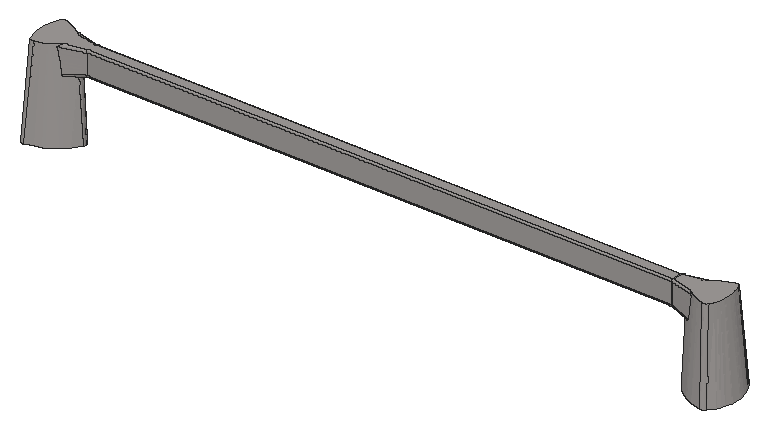
Revit family "FG774240-SUP413763-Stainless", category Generic Models, host Face, Revit 2013
Parameters (values of type "FG774240-SUP413763-Stainless")
  Unit = Stainless-Delta
  URL = "www.deltafaucet.com"
  Model = "FG774240"  # constant formula
  Manufacturer = "Delta"  # constant formula
  Description = "FG774240-SUP413763-Stainless"
  Default Elevation = 1524.00 mm
Reference planes
  plane 1 "Center (Front/Back)": y = 0
  plane 2: z = 0
  plane 3 "Center (Left/Right)": x = 0
Dimensions and locks
  aligned and locked: plane 2 to host face
  aligned and locked: level to host face
  aligned and locked: plane 1 "Center (Front/Back)" to nested 1
  aligned and locked: plane 3 "Center (Left/Right)" to nested 1
  aligned and locked: nested 1 to level
Nested families
  nested 1: "FG774240" at (0, 0, 0), type "FG774240"
Definition of nested family "FG774240"
  Parameters (values of type "FG774240")
    Finish = Stainless-Delta
  Reference planes
    plane 1 "Center (Front/Back)": y = 0
    plane 2: z = 0
    plane 3 "Center (Left/Right)": x = 0
    plane 4: through (0, 368.198, 229.941) normal (0, -0.7071, 0.7071)
  Forms (mm)
    Blend 1, solid, material "Stainless-Delta" <- "Finish"
      base sketch origin (-193.362, 0, 0) x (-1, 0, 0) y (0, -1, 0)
        loop
          arc (607.031, -61.197) -> (630.54, -0.043) -> (607.214, 61.181) r 91.653
          arc (607.214, 61.181) -> (601.613, 64.949) -> (594.892, 65.583) r 13.692
          arc (594.892, 65.583) -> (543.197, 45.186) -> (505.178, 4.651) r 126.878
          arc (505.178, 4.651) -> (503.91, 0) -> (505.178, -4.651) r 9.16
          arc (505.178, -4.651) -> (543.133, -45.142) -> (594.738, -65.559) r 126.878
          arc (594.738, -65.559) -> (601.439, -64.938) -> (607.031, -61.197) r 13.672
      top sketch origin (-193.362, 0, 0) x (-1, 0, 0) y (0, -1, 0)
        loop
          arc (598.652, -42.544) -> (608.267, 0.015) -> (598.676, 42.58) r 99.124
          arc (598.676, 42.58) -> (593.792, 47.418) -> (586.944, 48.02) r 10.12
          arc (586.944, 48.02) -> (550.237, 32.316) -> (519.57, 6.754) r 137.862
          arc (519.57, 6.754) -> (516.987, 0) -> (519.57, -6.754) r 10.12
          arc (519.57, -6.754) -> (550.204, -32.296) -> (586.868, -48) r 137.862
          arc (586.868, -48) -> (593.745, -47.4) -> (598.652, -42.544) r 10.162
      from 0 to 209.677
    Blend 2, solid, material "Stainless-Delta" <- "Finish"
      base sketch origin (-193.362, 0, 0) x (0, 1, 0) y (0, 0, -1)
        loop
          arc (35.226, -209.677) -> (39.014, -208.136) -> (40.65, -204.388) r 5.425
          line (40.65, -204.388) -> (42.272, -140.007)
          arc (42.272, -140.007) -> (0, -147.543) -> (-42.272, -140.007) r 122.325
          line (-42.272, -140.007) -> (-40.65, -204.357)
          arc (-40.65, -204.357) -> (-39.005, -208.127) -> (-35.195, -209.677) r 5.457
          line (-35.195, -209.677) -> (35.226, -209.677)
      top sketch origin (-193.362, 0, 0) x (0, 1, 0) y (0, 0, -1)
        loop
          arc (15.24, -157.463) -> (14.174, -154.889) -> (11.599, -153.822) r 3.641
          line (11.599, -153.822) -> (-11.569, -153.822)
          arc (-11.569, -153.822) -> (-14.165, -154.898) -> (-15.24, -157.493) r 3.671
          line (-15.24, -157.493) -> (-15.24, -205.997)
          arc (-15.24, -205.997) -> (-14.162, -208.599) -> (-11.56, -209.677) r 3.68
          line (-11.56, -209.677) -> (11.569, -209.677)
          arc (11.569, -209.677) -> (14.165, -208.602) -> (15.24, -206.006) r 3.671
          line (15.24, -206.006) -> (15.24, -157.463)
      from 587.627 to 488.709
    Extrusion 3, solid, material "Stainless-Delta" <- "Finish"
      sketch origin (0, 0, 0) x (0, 1, 0) y (0, 0, 1)
        loop
          line (15.24, 157.463) -> (15.24, 206.006)
          arc (15.24, 206.006) -> (14.165, 208.602) -> (11.569, 209.677) r 3.671
          line (11.569, 209.677) -> (-11.56, 209.677)
          arc (-11.56, 209.677) -> (-14.162, 208.599) -> (-15.24, 205.997) r 3.68
          line (-15.24, 205.997) -> (-15.24, 157.493)
          arc (-15.24, 157.493) -> (-14.165, 154.898) -> (-11.569, 153.822) r 3.671
          line (-11.569, 153.822) -> (11.599, 153.822)
          arc (11.599, 153.822) -> (14.174, 154.889) -> (15.24, 157.463) r 3.641
      from -682.071 to 682.154
    Blend 4, solid, material "Stainless-Delta" <- "Finish"
      base sketch origin (193.445, 0, 0) x (1, 0, 0) y (0, 1, 0)
        loop
          arc (607.031, 61.197) -> (601.439, 64.938) -> (594.738, 65.559) r 13.672
          arc (594.738, 65.559) -> (543.133, 45.142) -> (505.178, 4.651) r 126.878
          arc (505.178, 4.651) -> (503.91, 0) -> (505.178, -4.651) r 9.16
          arc (505.178, -4.651) -> (543.197, -45.186) -> (594.892, -65.583) r 126.878
          arc (594.892, -65.583) -> (601.613, -64.949) -> (607.214, -61.181) r 13.692
          arc (607.214, -61.181) -> (630.54, 0.043) -> (607.031, 61.197) r 91.653
      top sketch origin (193.445, 0, 0) x (1, 0, 0) y (0, 1, 0)
        loop
          arc (598.652, 42.544) -> (593.745, 47.4) -> (586.868, 48) r 10.162
          arc (586.868, 48) -> (550.204, 32.296) -> (519.57, 6.754) r 137.862
          arc (519.57, 6.754) -> (516.987, 0) -> (519.57, -6.754) r 10.12
          arc (519.57, -6.754) -> (550.237, -32.316) -> (586.944, -48.02) r 137.862
          arc (586.944, -48.02) -> (593.792, -47.418) -> (598.676, -42.58) r 10.12
          arc (598.676, -42.58) -> (608.267, -0.015) -> (598.652, 42.544) r 99.124
      from 0 to 209.677
    Blend 5, solid, material "Stainless-Delta" <- "Finish"
      base sketch origin (193.445, 0, 0) x (0, 1, 0) y (0, 0, 1)
        loop
          line (35.226, 209.677) -> (-35.195, 209.677)
          arc (-35.195, 209.677) -> (-39.005, 208.127) -> (-40.65, 204.357) r 5.457
          line (-40.65, 204.357) -> (-42.272, 140.007)
          arc (-42.272, 140.007) -> (0, 147.543) -> (42.272, 140.007) r 122.325
          line (42.272, 140.007) -> (40.65, 204.388)
          arc (40.65, 204.388) -> (39.014, 208.136) -> (35.226, 209.677) r 5.425
      top sketch origin (193.445, 0, 0) x (0, 1, 0) y (0, 0, 1)
        loop
          line (15.24, 157.463) -> (15.24, 206.006)
          arc (15.24, 206.006) -> (14.165, 208.602) -> (11.569, 209.677) r 3.671
          line (11.569, 209.677) -> (-11.56, 209.677)
          arc (-11.56, 209.677) -> (-14.162, 208.599) -> (-15.24, 205.997) r 3.68
          line (-15.24, 205.997) -> (-15.24, 157.493)
          arc (-15.24, 157.493) -> (-14.165, 154.898) -> (-11.569, 153.822) r 3.671
          line (-11.569, 153.822) -> (11.599, 153.822)
          arc (11.599, 153.822) -> (14.174, 154.889) -> (15.24, 157.463) r 3.641
      from 587.627 to 488.709
  Cuts and joins
    joined: Blend 1, Blend 2, Extrusion 3
    joined: Blend 4, Blend 5
  Dimensions and locks
    aligned and locked: Extrusion 3 to Blend 2
